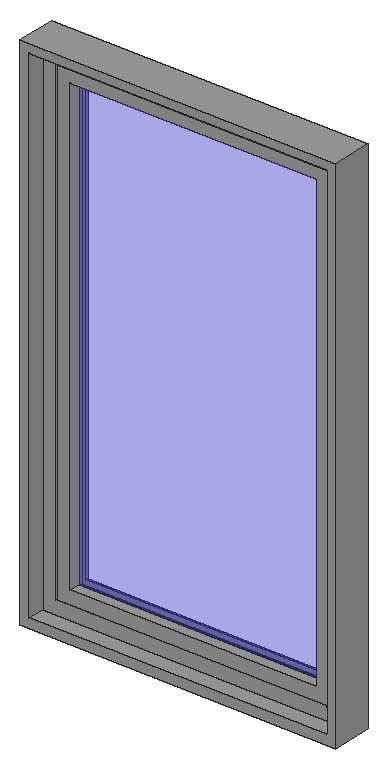
Revit family "16PL OP001_v02", category Windows, host Wall, Revit 2015
Parameters
  Wall Thickness [instance] = 0' - 6"
  URL = "obe.com"
  Rough Width = Width + 0' 0 1/2"  # 3' - 0 1/2"
  Rough Height = Height + 0' 0 1/2"  # 5' - 0 1/2"
  Offset Limitation [instance] = if((Offset + 0' 4 1/2") > Wall Thickness, (Wall Thickness - 0' 4 1/2"), Offset)  # 0' - 0"
  Offset [instance] = 0' - 0"
  Model = "16PL OC001"
  Manufacturer = "Oldcastle BuildingEnvelope®"
  Keynote = "08 51 00"
  Height = 5' - 0"
  Glass Material = Glass
  Frame Material = Aluminum
  Description = "SIGNATURE SERIES 16PL"
  Default Sill Height = 3' - 0"
  Wall Closure = By host
  Width = 3' - 0"
  Construction Type = ""
  Assembly Code = "B2020100"
Reference planes (in)
  plane 1 "Center (Front/Back)": y = 0
  plane 2: z = 0
  plane 3 "Center (Left/Right)": x = 0
  plane 4 "Left": x = -18.25
  plane 5 "Right": x = 18.25
  plane 6 "Sill": z = 36
  plane 7 "Top": z = 96.5
  plane 8: x = 18
  plane 9: x = -18
  plane 10: z = 96.25
  plane 11: z = 36.25
  plane 12 "Offset": y = 3
  plane 13: z = 92.9995
  plane 14: z = 39.5005
  plane 15 "EXT": y = 2.96875
Forms (in)
  Sweep 1, solid, material "Aluminum" <- "Frame Material"
    path origin (0, 3, 0) x (1, 0, 0) y (0, 0, 1)
      loop
        line (18, 96.5) -> (18, 36)
    profile origin (18, 3, 66.25) x (0, -1, 0) y (1, 0, 0)
      loop
        line (4.5, 0.25) -> (0, 0.25) -> (0, -1.375) -> (2.40625, -1.375) -> (2.40625, -2.25) -> (2.5, -2.25) -> (2.5, -0.75) -> (4.5, -0.75) -> (4.5, 0.25)
  Sweep 2, solid, material "Aluminum" <- "Frame Material"
    path origin (0, 3, 0) x (-1, 0, 0) y (0, 0, 1)
      loop
        line (18, 96.5) -> (18, 36)
    profile origin (-18, 3, 66.25) x (0, -1, 0) y (1, 0, 0)
      loop
        line (0, -0.25) -> (4.5, -0.25) -> (4.5, 0.75) -> (2.5, 0.75) -> (2.5, 2.25) -> (2.40625, 2.25) -> (2.40625, 1.375) -> (0, 1.375) -> (0, -0.25)
  Sweep 3, solid, material "Aluminum" <- "Frame Material"
    path origin (0, 3, 0) x (1, 0, 0) y (0, 0, 1)
      loop
        line (18.25, 96.25) -> (-18.25, 96.25)
    profile origin (0, 3, 96.25) x (0, 0, -1) y (0, -1, 0)
      loop
        line (-0.25, 0) -> (1.37495, 0) -> (1.37495, 2.40625) -> (2.25, 2.40625) -> (2.25, 2.5) -> (0.75, 2.5) -> (0.75, 4.5) -> (-0.25, 4.5) -> (-0.25, 0)
  Sweep 4, solid, material "Aluminum" <- "Frame Material"
    path origin (0, 3, 120.5) x (1, 0, 0) y (0, 0, -1)
      loop
        line (18.25, 84.25) -> (-18.25, 84.25)
    profile origin (0, 3, 36.25) x (0, 0, -1) y (0, -1, 0)
      loop
        line (-1.375, 0) -> (0.25, 0) -> (0.25, 4.5) -> (-0.75, 4.5) -> (-0.75, 2.5) -> (-2.25, 2.5) -> (-2.25, 2.40625) -> (-1.375, 2.40625) -> (-1.375, 0)
  Extrusion 5, solid, material "Glass" <- "Glass Material", detail levels coarse
    sketch origin (0, 0, 36) x (0, -1, 0) y (1, 0, 0)
      loop
        line (-2.96875, -14.7495) -> (-1.96875, -14.7495) -> (-1.96875, 14.7495) -> (-2.96875, 14.7495) -> (-2.96875, -14.7495)
    from 3.5005 to 56.9995
  Extrusion 6, solid, material "Glass" <- "Glass Material", detail levels medium+fine
    sketch origin (0, 0, 36) x (0, -1, 0) y (1, 0, 0)
      loop
        line (-2.96875, -14.7495) -> (-2.71875, -14.7495) -> (-2.71875, 14.7495) -> (-2.96875, 14.7495) -> (-2.96875, -14.7495)
      loop
        line (-2.20605, 14.7495) -> (-2.20605, -14.7495) -> (-1.96875, -14.7495) -> (-1.96875, 14.7495) -> (-2.20605, 14.7495)
    from 3.5005 to 56.9995
  Sweep 7, solid, material "Aluminum" <- "Frame Material"
    path origin (0, 3, 0) x (1, 0, 0) y (0, 0, 1)
      loop
        line (18, 95.125) -> (18, 37.375)
    profile origin (18, 3, 66.25) x (0, -1, 0) y (1, 0, 0)
      loop
        line (2.3125, -2.063) -> (-0.15625, -2.063) -> (-0.15625, -1.125) -> (-0.25, -1.125) -> (-0.25, -3.7505) -> (0.03125, -3.7505) -> (0.03125, -3.2505) -> (1.03125, -3.2505) -> (1.03125, -3.751) -> (2.3125, -3.751) -> (2.3125, -2.063)
  Sweep 8, solid, material "Aluminum" <- "Frame Material"
    path origin (0, 3, 0) x (1, 0, 0) y (0, 0, 1)
      loop
        line (-18, 95.125) -> (-18, 37.375)
    profile origin (-18, 3, 66.25) x (0, -1, 0) y (1, 0, 0)
      loop
        line (-0.25, 3.7505) -> (-0.25, 1.125) -> (-0.15625, 1.125) -> (-0.15625, 2.063) -> (2.3125, 2.063) -> (2.3125, 3.751) -> (1.03125, 3.751) -> (1.03125, 3.2505) -> (0.03125, 3.2505) -> (0.03125, 3.7505) -> (-0.25, 3.7505)
  Sweep 9, solid, material "Aluminum" <- "Frame Material"
    path origin (0, 3, 0) x (1, 0, 0) y (0, 0, 1)
      loop
        line (16.875, 96.25) -> (-16.875, 96.25)
    profile origin (0, 3, 96.25) x (0, 0, -1) y (0, -1, 0)
      loop
        line (1.125, -0.25) -> (3.7505, -0.25) -> (3.7505, 0.03125) -> (3.2505, 0.03125) -> (3.2505, 1.03125) -> (3.751, 1.03125) -> (3.751, 2.3125) -> (2.06299, 2.3125) -> (2.06299, -0.15626) -> (1.125, -0.15626) -> (1.125, -0.25)
  Sweep 10, solid, material "Aluminum" <- "Frame Material"
    path origin (0, 3, 0) x (1, 0, 0) y (0, 0, 1)
      loop
        line (16.875, 36.25) -> (-16.875, 36.25)
    profile origin (0, 3, 36.25) x (0, 0, -1) y (0, -1, 0)
      loop
        line (-1.125, -0.25) -> (-1.125, -0.15625) -> (-2.063, -0.15625) -> (-2.063, 2.3125) -> (-3.751, 2.3125) -> (-3.751, 1.03125) -> (-3.2505, 1.03125) -> (-3.2505, 0.03125) -> (-3.7505, 0.03125) -> (-3.7505, -0.25) -> (-1.125, -0.25)
Cuts and joins
  joined: Sweep 1, Sweep 2, Sweep 3, Sweep 4
  joined: Sweep 7, Sweep 8, Sweep 9, Sweep 10
Lines and regions (in)
  Opening 1
    outline origin (-60, -3, 0) x (1, 0, 0) y (0, 0, 1)
      loop
        line (41.75, 96.5) -> (41.75, 36) -> (78.25, 36) -> (78.25, 96.5) -> (41.75, 96.5)
  model lines, style "Opening Direction"
    curve 1: line (-14.249, 2.96875, 40.001) -> (0, 2.96875, 92.499)
    curve 2: line (14.2495, 2.96875, 40.0005) -> (0, 2.96875, 92.499)
Text (in)
  text "EXTERIOR" at (-58.6888, 50.90694, 0), in view "Ref. Level"
  text "INTERIOR" at (-58.6888, -37.76638, 0), in view "Ref. Level"
  text "Exterior" at (0, 43.65631, 123.19604), in view "Left"
  text "Exterior" at (0, 18.29385, 125.04747), in view "Right"
  text "Min Operable Size\n\n14\" width x 18\" height\n\n\n\nMax Operable Size\n\n72\" x 72\"\n\n\n\nMax Operable Area\n\n24 square feet" at (92.83999, 50.90694, 0), in view "Ref. Level"
Dimensions and locks (in)
  equal spacing: plane 4 "Left", plane 3 "Center (Left/Right)", plane 5 "Right"
  "Rough Height": plane 6 "Sill" to plane 7 "Top"
  "Default Sill Height": plane 2 to plane 6 "Sill"
  locked: plane 6 "Sill" to plane 11 at 0.25
  locked: plane 8 to plane 5 "Right" at 0.25
  "Height": plane 11 to plane 10
  "Offset Limitation": plane 12 "Offset" to host wall
  "Wall Thickness": host wall to host wall
  "Width": plane 9 to plane 8
  "Rough Width": plane 4 "Left" to plane 5 "Right"
  plane 12 "Offset" to Extrusion 5 sketch curve to Extrusion 5 sketch curve = 0' - 0 1/32" locked, 0' - 1" locked
  locked: plane 11 to plane 14 at 3.2505
  locked: plane 10 to plane 13 at 3.2505
  locked: plane 15 "EXT" to plane 12 "Offset" at 0.03125
  Extrusion 6 sketch curve to Extrusion 6 sketch curve to Extrusion 6 sketch curve to Extrusion 6 sketch curve to plane 12 "Offset" = 0' - 0.2373" locked, 0' - 0.5127" locked, 0' - 0 1/4" locked, 0' - 0 1/32" locked
  aligned and locked: plane 7 "Top" to Opening 1 sketch curve
  aligned and locked: plane 6 "Sill" to Opening 1 sketch curve  (x2)
  aligned and locked: plane 5 "Right" to Opening 1 sketch curve
  aligned and locked: plane 4 "Left" to Opening 1 sketch curve
  aligned and locked: level to plane 2
  aligned and locked: nested 1 to plane 11
  aligned and locked: nested 2 to plane 11
  aligned and locked: plane 7 "Top" to Sweep 1 sketch curve
  aligned and locked: plane 6 "Sill" to Sweep 1 sketch curve
  aligned and locked: Sweep 1 sketch curve to plane 8
  aligned and locked: plane 6 "Sill" to Sweep 2 sketch curve
  aligned and locked: plane 7 "Top" to Sweep 2 sketch curve
  aligned and locked: Sweep 2 sketch curve to plane 9
  aligned and locked: plane 10 to Sweep 3 sketch curve
  aligned and locked: plane 11 to Sweep 4 sketch curve
  aligned and locked: plane 4 "Left" to Sweep 4 sketch curve
  aligned and locked: plane 5 "Right" to Sweep 4 sketch curve
  aligned and locked: plane 5 "Right" to Sweep 3 sketch curve
  aligned and locked: plane 4 "Left" to Sweep 3 sketch curve
  aligned and locked: Extrusion 5 to plane 14
  aligned and locked: plane 13 to Extrusion 5
  aligned and locked: plane 3 "Center (Left/Right)" to nested 1
  aligned and locked: plane 12 "Offset" to nested 1
  aligned and locked: plane 3 "Center (Left/Right)" to nested 2
  aligned and locked: plane 12 "Offset" to nested 2
  aligned and locked: Extrusion 6 to plane 14
  aligned and locked: plane 13 to Extrusion 6
  aligned and locked: Sweep 7 sketch curve to plane 8
  aligned and locked: Sweep 8 sketch curve to plane 9
  aligned and locked: plane 10 to Sweep 9 sketch curve
  aligned and locked: plane 11 to Sweep 10 sketch curve
Automatic sketch dimensions
  Extrusion 5 sketch curve to plane 9 = 0' - 3.2505"
  plane 8 to Extrusion 5 sketch curve = 0' - 3.2505"
  profile plane to Sweep 2 sketch curve = 0' - 0 1/4"
  Sweep 2 sketch curve to profile plane = 0' - 0 3/4"
  Sweep 2 sketch curve to Sweep 2 sketch curve = 0' - 2"
  Sweep 2 sketch curve to Sweep 2 sketch curve = 0' - 1 1/2"
  profile plane to Sweep 1 sketch curve = 0' - 0 3/4"
  Sweep 1 sketch curve to Sweep 1 sketch curve = 0' - 2"
  Sweep 1 sketch curve to profile plane = 0' - 0 1/4"
  Sweep 1 sketch curve to Sweep 1 sketch curve = 0' - 1 1/2"
  Sweep 4 sketch curve to profile plane = 0' - 0 1/4"
  profile plane to Sweep 4 sketch curve = 0' - 0 3/4"
  Sweep 4 sketch curve to Sweep 4 sketch curve = 0' - 2"
  Extrusion 6 sketch curve to plane 9 = 0' - 3.2505"
  Extrusion 6 sketch curve to Extrusion 6 sketch curve = 0' - 0"  (x2)
  plane 8 to Extrusion 6 sketch curve = 0' - 3.2505"
  Sweep 4 sketch curve to Sweep 4 sketch curve = 0' - 1 1/2"
  Sweep 4 sketch curve to plane 12 "Offset" = 0' - 0"
  Sweep 4 sketch curve to Sweep 4 sketch curve = 0' - 0 5/8"
  Sweep 4 sketch curve to Sweep 4 sketch curve = 0' - 2 13/32"
  Sweep 4 sketch curve to Sweep 4 sketch curve = 0' - 0 3/32"
  Sweep 3 sketch curve to plane 12 "Offset" = 0' - 0"
  profile plane to Sweep 3 sketch curve = 0' - 0 1/4"
  Sweep 3 sketch curve to profile plane = 0' - 0 3/4"
  Sweep 3 sketch curve to Sweep 3 sketch curve = 0' - 2"
  Sweep 3 sketch curve to profile plane = 0' - 1.37495"
  Sweep 3 sketch curve to Sweep 3 sketch curve = 0' - 0.87505"
  Sweep 3 sketch curve to Sweep 3 sketch curve = 0' - 2 13/32"
  Sweep 3 sketch curve to Sweep 3 sketch curve = 0' - 0 3/32"
  plane 12 "Offset" to Sweep 1 sketch curve = 0' - 0"
  Sweep 1 sketch curve to Sweep 1 sketch curve = 0' - 2 13/32"
  Sweep 1 sketch curve to Sweep 1 sketch curve = 0' - 0 3/32"
  Sweep 1 sketch curve to Sweep 1 sketch curve = 0' - 0 5/8"
  plane 12 "Offset" to Sweep 2 sketch curve = 0' - 0"
  Sweep 2 sketch curve to Sweep 2 sketch curve = 0' - 2 13/32"
  Sweep 2 sketch curve to Sweep 2 sketch curve = 0' - 0 3/32"
  Sweep 2 sketch curve to Sweep 2 sketch curve = 0' - 0 5/8"
  Sweep 7 sketch curve to plane 11 = 0' - 1 1/8"
  plane 10 to Sweep 7 sketch curve = 0' - 1 1/8"
  Sweep 7 sketch curve to plane 12 "Offset" = 0' - 0 1/4"
  plane 12 "Offset" to Sweep 7 sketch curve = 0' - 0 1/32"
  Sweep 7 sketch curve to Sweep 7 sketch curve = 0' - 1"
  profile plane to Sweep 7 sketch curve = 0' - 1 1/8"
  Sweep 7 sketch curve to plane 12 "Offset" = 0' - 0 5/32"
  Sweep 7 sketch curve to Sweep 7 sketch curve = 0' - 2 15/32"
  Sweep 7 sketch curve to Sweep 7 sketch curve = 0' - 0 1/2"
  Sweep 7 sketch curve to Sweep 7 sketch curve = 0' - 0.0005"
  Sweep 7 sketch curve to Sweep 7 sketch curve = 0' - 1.688"
  Sweep 7 sketch curve to Sweep 7 sketch curve = 0' - 0.938"
  Sweep 8 sketch curve to plane 11 = 0' - 1 1/8"
  plane 10 to Sweep 8 sketch curve = 0' - 1 1/8"
  Sweep 8 sketch curve to plane 12 "Offset" = 0' - 0 5/32"
  Sweep 8 sketch curve to Sweep 8 sketch curve = 0' - 0 3/32"
  Sweep 8 sketch curve to Sweep 8 sketch curve = 0' - 1"
  Sweep 8 sketch curve to profile plane = 0' - 1 1/8"
  Sweep 8 sketch curve to Sweep 8 sketch curve = 0' - 0.938"
  Sweep 8 sketch curve to Sweep 8 sketch curve = 0' - 1 3/16"
  plane 12 "Offset" to Sweep 8 sketch curve = 0' - 0 1/32"
  Sweep 8 sketch curve to Sweep 8 sketch curve = 0' - 1 9/32"
  Sweep 8 sketch curve to Sweep 8 sketch curve = 0' - 0 1/2"
  Sweep 8 sketch curve to Sweep 8 sketch curve = 0' - 0.0005"
  plane 8 to Sweep 9 sketch curve = 0' - 1 1/8"
  Sweep 9 sketch curve to plane 9 = 0' - 1 1/8"
  Sweep 9 sketch curve to plane 12 "Offset" = 0' - 0 5/32"
  Sweep 9 sketch curve to plane 12 "Offset" = 0' - 0 1/4"
  Sweep 9 sketch curve to profile plane = 0' - 1 1/8"
  plane 12 "Offset" to Sweep 9 sketch curve = 0' - 1 1/32"
  Sweep 9 sketch curve to Sweep 9 sketch curve = 0' - 2.1255"
  plane 12 "Offset" to Sweep 9 sketch curve = 0' - 0 1/32"
  Sweep 9 sketch curve to Sweep 9 sketch curve = 0' - 0 1/2"
  Sweep 9 sketch curve to Sweep 9 sketch curve = 0' - 0.5005"
  Sweep 9 sketch curve to Sweep 9 sketch curve = 0' - 1 9/32"
  Sweep 9 sketch curve to Sweep 9 sketch curve = 0' - 1 3/16"
  Sweep 10 sketch curve to plane 9 = 0' - 1 1/8"
  plane 8 to Sweep 10 sketch curve = 0' - 1 1/8"
  plane 12 "Offset" to Sweep 10 sketch curve = 0' - 1 1/32"
  profile plane to Sweep 10 sketch curve = 0' - 3.2505"
  Sweep 10 sketch curve to plane 12 "Offset" = 0' - 0 5/32"
  Sweep 10 sketch curve to Sweep 10 sketch curve = 0' - 1 3/16"
  Sweep 10 sketch curve to plane 12 "Offset" = 0' - 0 1/4"
  Sweep 10 sketch curve to Sweep 10 sketch curve = 0' - 0.938"
  plane 12 "Offset" to Sweep 10 sketch curve = 0' - 0 1/32"
  Sweep 10 sketch curve to Sweep 10 sketch curve = 0' - 0 1/2"
  Sweep 10 sketch curve to Sweep 10 sketch curve = 0' - 0.0005"
  Sweep 10 sketch curve to Sweep 10 sketch curve = 0' - 1 9/32"
  curve 2 to plane 3 "Center (Left/Right)" = 0' - 0"
  curve 2 to plane 13 = 0' - 0.5005"
  plane 14 to curve 1 = 0' - 0.5005"
  curve 1 to plane 9 = 0' - 3.751"
  plane 14 to curve 2 = 0' - 0 1/2"
  plane 8 to curve 2 = 0' - 3.7505"
Nested families (in)
  nested 1: "S-16PL-Plan View" at (0, 3, 0.25), Default Sill Height <- "Default Sill Height", Height <- "Height", Width <- "Width", type "S-16PL-Plan View"
    with Width 3' - 0", Height 5' - 0", Default Sill Height 3' - 0"
  nested 2: "S-16PL-Section Operable" at (0, 3, 0.25), Default Sill Height <- "Default Sill Height", Height <- "Height", Width <- "Width", type "S-16PL-Section Operable"
    with Width 3' - 0", Height 5' - 0", Default Sill Height 3' - 0"
Definition of nested family "S-16PL-Plan View"
  Parameters (values of type "S-16PL-Plan View")
    Width [instance] = 2' - 0"
    Height [instance] = 2' - 0"
    Default Sill Height [instance] = 2' - 0"
    Analytic Construction = "<None>"
  Reference planes (in)
    plane 1 "Center (Front/Back)": y = 0
    plane 2: z = 0
    plane 3 "Center (Left/Right)": x = 0
    plane 4: z = 24
  Lines and regions (in)
    model lines, not visible
      curve 1: line (0, 0, 48) -> (0, 0, 24)
  Dimensions and locks (in)
    "Default Sill Height": plane 4 to plane 2
    "Height": curve 1 to plane 4
    aligned and locked: plane 2 to level
    aligned and locked: plane 3 "Center (Left/Right)" to nested 1
    aligned and locked: plane 1 "Center (Front/Back)" to nested 1
    aligned and locked: plane 4 to curve 1
    aligned and locked: curve 1 to plane 1 "Center (Front/Back)"
  Nested families (in)
    nested 1: "S-16PL-Plan View" at (-12, 0, 0), Width <- "Width", type "S-16PL-Plan View"
      with Width 2' - 0"
  Definition of nested family "S-16PL-Plan View"
    Parameters (values of type "S-16PL-Plan View")
      Width [instance] = 2' - 0"
    Reference planes (in)
      plane 1 "Center (Front/Back)": y = 0
      plane 2: z = 0
      plane 3 "C": x = 0
      plane 4: x = 24
      plane 5: x = 20.7495
      plane 6: x = 3.2505
      plane 7 "Center (Left/Right)": x = 12
    Lines and regions (in)
      detail lines, in view "Ref. Level"
        curve 1: line (3.2505, -0.03125, 0) -> (20.7495, -0.03125, 0)
        curve 10: line (3.2505, -1.03125, 0) -> (20.7495, -1.03125, 0)
      detail lines, in view "Ref. Level", detail levels fine
        curve 2: line (3.2505, -0.09125, 0) -> (20.7495, -0.09125, 0)
        curve 3: line (3.2505, -0.15125, 0) -> (20.7495, -0.15125, 0)
        curve 4: line (3.2505, -0.21125, 0) -> (20.7495, -0.21125, 0)
        curve 7: line (3.2505, -0.85395, 0) -> (20.7495, -0.85395, 0)
        curve 8: line (3.2505, -0.91395, 0) -> (20.7495, -0.91395, 0)
        curve 9: line (3.2505, -0.97395, 0) -> (20.7495, -0.97395, 0)
      detail lines, in view "Ref. Level", detail levels medium+fine
        curve 5: line (3.2505, -0.28125, 0) -> (20.7495, -0.28125, 0)
        curve 6: line (3.2505, -0.79395, 0) -> (20.7495, -0.79395, 0)
    Dimensions and locks (in)
      "Width": plane 3 "C" to plane 4
      locked: plane 3 "C" to plane 6 at 3.2505
      locked: plane 5 to plane 4 at 3.2505
      equal spacing: plane 3 "C", plane 7 "Center (Left/Right)", plane 4
      aligned and locked: nested 2 to plane 3 "C"
      aligned and locked: nested 2 to plane 1 "Center (Front/Back)"
      aligned and locked: nested 1 to plane 4
      aligned and locked: nested 1 to plane 1 "Center (Front/Back)"
      aligned and locked: plane 5 to curve 1
      aligned and locked: plane 5 to curve 2
      aligned and locked: plane 5 to curve 3
      aligned and locked: plane 5 to curve 4
      aligned and locked: plane 5 to curve 5
      aligned and locked: plane 5 to curve 6
      aligned and locked: plane 5 to curve 7
      aligned and locked: plane 5 to curve 8
      aligned and locked: plane 5 to curve 9
      aligned and locked: plane 5 to curve 10
      aligned and locked: plane 6 to curve 1
      aligned and locked: plane 6 to curve 2
      aligned and locked: plane 6 to curve 3
      aligned and locked: plane 6 to curve 4
      aligned and locked: plane 6 to curve 5
      aligned and locked: plane 6 to curve 6
      aligned and locked: plane 6 to curve 7
      aligned and locked: plane 6 to curve 8
      aligned and locked: plane 6 to curve 9
      aligned and locked: plane 6 to curve 10
    Automatic sketch dimensions
      plane 1 "Center (Front/Back)" to curve 10 = 0' - 1 1/32"
      curve 10 to curve 9 = 0' - 0.0573"
      curve 9 to curve 8 = 0' - 0.06"
      curve 8 to curve 7 = 0' - 0.06"
      curve 7 to curve 6 = 0' - 0.06"
      curve 6 to curve 5 = 0' - 0.5127"
      curve 5 to curve 4 = 0' - 0.07"
      curve 4 to curve 3 = 0' - 0.06"
      curve 3 to curve 2 = 0' - 0.06"
      curve 2 to curve 1 = 0' - 0.06"
    Nested families (in)
      nested 1: "S-16PL-JAMB L" at (24, 0, 0) x (-1, 0, 0) z (0, 0, 1), type "S-16PL-JAMB L", in view "Ref. Level"
      nested 2: "S-16PL-JAMB R" at (0, 0, 0) x (-1, 0, 0) z (0, 0, 1), type "S-16PL-JAMB R", in view "Ref. Level"
    Definition of nested family "S-16PL-JAMB L"
      Reference planes (in)
        plane 1 "Center (Front/Back)": y = 0
        plane 2: z = 0
        plane 3 "Center (Left/Right)": x = 0
      Lines and regions (in)
        detail lines, in view "Ref. Level"
          curve 1: line (-0.25, 4.5, 0) -> (0.75, 4.5, 0)
          curve 2: line (0.75, 4.5, 0) -> (0.75, 2.5, 0)
          curve 3: line (0.75, 2.5, 0) -> (2.25, 2.5, 0)
          curve 4: line (2.25, 2.5, 0) -> (2.25, 2.3125, 0)
          curve 5: line (2.25, 2.3125, 0) -> (2.876, 2.3125, 0)
          curve 6: line (2.876, 2.3125, 0) -> (3.751, 2.2965, 0)
          curve 7: line (3.751, 2.2965, 0) -> (3.751, 1.03125, 0)
          curve 8: line (3.751, 1.03125, 0) -> (3.2505, 1.03125, 0)
          curve 9: line (3.2505, 1.03125, 0) -> (3.2505, 0.03125, 0)
          curve 10: line (3.2505, 0.03125, 0) -> (3.751, 0.03125, 0)
          curve 11: line (3.751, 0.03125, 0) -> (3.7505, -0.25, 0)
          curve 12: line (3.7505, -0.25, 0) -> (1.125, -0.25, 0)
          curve 13: line (1.125, -0.25, 0) -> (1.125, 0, 0)
          curve 14: line (1.125, 0, 0) -> (-0.25, 0, 0)
          curve 15: line (-0.25, 0, 0) -> (-0.25, 4.5, 0)
    Definition of nested family "S-16PL-JAMB R"
      Reference planes (in)
        plane 1 "Center (Front/Back)": y = 0
        plane 2: z = 0
        plane 3 "Center (Left/Right)": x = 0
      Lines and regions (in)
        detail lines, in view "Ref. Level"
          curve 1: line (0.25, 4.5, 0) -> (-0.75, 4.5, 0)
          curve 2: line (-0.75, 4.5, 0) -> (-0.75, 2.5, 0)
          curve 3: line (-0.75, 2.5, 0) -> (-2.25, 2.5, 0)
          curve 4: line (-2.25, 2.5, 0) -> (-2.25, 2.3125, 0)
          curve 5: line (-2.25, 2.3125, 0) -> (-2.876, 2.3125, 0)
          curve 6: line (-2.876, 2.3125, 0) -> (-3.751, 2.2965, 0)
          curve 7: line (-3.751, 2.2965, 0) -> (-3.751, 1.03125, 0)
          curve 8: line (-3.751, 1.03125, 0) -> (-3.2505, 1.03125, 0)
          curve 9: line (-3.2505, 1.03125, 0) -> (-3.2505, 0.03125, 0)
          curve 10: line (-3.2505, 0.03125, 0) -> (-3.751, 0.03125, 0)
          curve 11: line (-3.751, 0.03125, 0) -> (-3.7505, -0.25, 0)
          curve 12: line (-3.7505, -0.25, 0) -> (-1.125, -0.25, 0)
          curve 13: line (-1.125, -0.25, 0) -> (-1.125, 0, 0)
          curve 14: line (-1.125, 0, 0) -> (0.25, 0, 0)
          curve 15: line (0.25, 0, 0) -> (0.25, 4.5, 0)
Definition of nested family "S-16PL-Section Operable"
  Parameters (values of type "S-16PL-Section Operable")
    Width [instance] = 2' - 0"
    Height [instance] = 4' - 0"
    Default Sill Height [instance] = 2' - 0"
    Analytic Construction = "<None>"
  Reference planes (in)
    plane 1 "Center (Front/Back)": y = 0
    plane 2: z = 0
    plane 3 "Center (Left/Right)": x = 0
    plane 4: z = 24
  Lines and regions (in)
    model lines, not visible
      curve 1: line (-12, 0, 0) -> (12, 0, 0)
  Dimensions and locks (in)
    "Default Sill Height": plane 4 to plane 2
    equal spacing: curve 1, plane 3 "Center (Left/Right)", curve 1
    "Width": curve 1 to curve 1
    aligned and locked: plane 2 to level
    aligned and locked: plane 1 "Center (Front/Back)" to curve 1
    aligned and locked: plane 4 to nested 1
    aligned and locked: nested 1 to plane 1 "Center (Front/Back)"
  Nested families (in)
    nested 1: "S-16PL-Section Operable" at (0, 0, 24) x (0, -1, 0) z (1, 0, 0), Height <- "Height", type "S-16PL-Section Operable"
      with Height 4' - 0"
  Definition of nested family "S-16PL-Section Operable"
    Parameters (values of type "S-16PL-Section Operable")
      Height [instance] = 3' - 0"
    Reference planes (in)
      plane 1 "Center (Front/Back)": y = 0
      plane 2: z = 0
      plane 3 "Center (Left/Right)": x = 0
      plane 4: y = 36
      plane 5: y = 32.7495
      plane 6: y = 3.2505
    Lines and regions (in)
      detail lines, in view "Ref. Level"
        curve 1: line (0.03125, 32.7495, 0) -> (0.03125, 3.2505, 0)
        curve 10: line (1.03125, 32.7495, 0) -> (1.03125, 3.2505, 0)
      detail lines, in view "Ref. Level", detail levels fine
        curve 2: line (0.08855, 32.7495, 0) -> (0.08855, 3.2505, 0)
        curve 3: line (0.14855, 32.7495, 0) -> (0.14855, 3.2505, 0)
        curve 4: line (0.20855, 32.7495, 0) -> (0.20855, 3.2505, 0)
        curve 7: line (0.85125, 32.7495, 0) -> (0.85125, 3.2505, 0)
        curve 8: line (0.91125, 32.7495, 0) -> (0.91125, 3.2505, 0)
        curve 9: line (0.97125, 32.7495, 0) -> (0.97125, 3.2505, 0)
      detail lines, in view "Ref. Level", detail levels medium+fine
        curve 5: line (0.26855, 32.7495, 0) -> (0.26855, 3.2505, 0)
        curve 6: line (0.78125, 32.7495, 0) -> (0.78125, 3.2505, 0)
    Dimensions and locks (in)
      "Height": plane 1 "Center (Front/Back)" to plane 4
      locked: plane 6 to plane 1 "Center (Front/Back)" at 3.2505
      locked: plane 4 to plane 5 at 3.2505
      aligned and locked: plane 1 "Center (Front/Back)" to nested 2
      aligned and locked: plane 3 "Center (Left/Right)" to nested 2
      aligned and locked: nested 1 to plane 4
      aligned and locked: plane 3 "Center (Left/Right)" to nested 1
      aligned and locked: plane 6 to curve 1
      aligned and locked: plane 6 to curve 2
      aligned and locked: plane 6 to curve 3
      aligned and locked: plane 6 to curve 4
      aligned and locked: plane 6 to curve 5
      aligned and locked: plane 6 to curve 6
      aligned and locked: plane 6 to curve 7
      aligned and locked: plane 6 to curve 8
      aligned and locked: plane 6 to curve 9
      aligned and locked: plane 6 to curve 10
      aligned and locked: plane 5 to curve 1
      aligned and locked: plane 5 to curve 2
      aligned and locked: plane 5 to curve 3
      aligned and locked: plane 5 to curve 4
      aligned and locked: plane 5 to curve 5
      aligned and locked: plane 5 to curve 6
      aligned and locked: plane 5 to curve 7
      aligned and locked: plane 5 to curve 8
      aligned and locked: plane 5 to curve 9
      aligned and locked: plane 5 to curve 10
    Automatic sketch dimensions
      plane 3 "Center (Left/Right)" to curve 1 = 0' - 0 1/32"
      curve 1 to curve 2 = 0' - 0.0573"
      curve 2 to curve 3 = 0' - 0.06"
      curve 3 to curve 4 = 0' - 0.06"
      curve 4 to curve 5 = 0' - 0.06"
      curve 5 to curve 6 = 0' - 0.5127"
      curve 6 to curve 7 = 0' - 0.07"
      curve 7 to curve 8 = 0' - 0.06"
      curve 8 to curve 9 = 0' - 0.06"
      curve 9 to curve 10 = 0' - 0.06"
    Nested families (in)
      nested 1: "S-16PL-HEAD" at (0, 36, 0), type "S-16PL-HEAD", in view "Ref. Level"
      nested 2: "S-16PL-SILL" at (0, 0, 0), type "S-16PL-SILL", in view "Ref. Level"
    Definition of nested family "S-16PL-HEAD"
      Reference planes (in)
        plane 1 "Center (Front/Back)": y = 0
        plane 2: z = 0
        plane 3 "Center (Left/Right)": x = 0
      Lines and regions (in)
        detail lines, in view "Ref. Level"
          curve 1: line (0, 0.25, 0) -> (4.5, 0.25, 0)
          curve 2: line (4.5, 0.25, 0) -> (4.5, -0.75, 0)
          curve 3: line (4.5, -0.75, 0) -> (2.5, -0.75, 0)
          curve 4: line (2.5, -0.75, 0) -> (2.5, -2.25, 0)
          curve 5: line (2.5, -2.25, 0) -> (2.3125, -2.25, 0)
          curve 6: line (2.3125, -2.25, 0) -> (2.3125, -2.876, 0)
          curve 7: line (2.3125, -2.876, 0) -> (2.2965, -3.751, 0)
          curve 8: line (2.2965, -3.751, 0) -> (1.03125, -3.751, 0)
          curve 9: line (1.03125, -3.751, 0) -> (1.03125, -3.2505, 0)
          curve 10: line (1.03125, -3.2505, 0) -> (0.03125, -3.2505, 0)
          curve 11: line (0.03125, -3.2505, 0) -> (0.03125, -3.7505, 0)
          curve 12: line (0.03125, -3.7505, 0) -> (-0.25, -3.7505, 0)
          curve 13: line (-0.25, -3.7505, 0) -> (-0.25, -1.125, 0)
          curve 14: line (-0.25, -1.125, 0) -> (0, -1.125, 0)
          curve 15: line (0, -1.125, 0) -> (0, 0.25, 0)
    Definition of nested family "S-16PL-SILL"
      Reference planes (in)
        plane 1 "Center (Front/Back)": y = 0
        plane 2: z = 0
        plane 3 "Center (Left/Right)": x = 0
      Lines and regions (in)
        detail lines, in view "Ref. Level"
          curve 1: line (2.2965, 3.751, 0) -> (1.03125, 3.751, 0)
          curve 2: line (1.03125, 3.751, 0) -> (1.03125, 3.2505, 0)
          curve 3: line (1.03125, 3.2505, 0) -> (0.03125, 3.2505, 0)
          curve 4: line (0.03125, 3.2505, 0) -> (0.03125, 3.751, 0)
          curve 5: line (0.03125, 3.751, 0) -> (-0.25, 3.7505, 0)
          curve 6: line (-0.25, 3.7505, 0) -> (-0.25, 1.125, 0)
          curve 7: line (-0.25, 1.125, 0) -> (0, 1.125, 0)
          curve 8: line (0, 1.125, 0) -> (0, -0.25, 0)
          curve 9: line (0, -0.25, 0) -> (4.5, -0.25, 0)
          curve 10: line (4.5, -0.25, 0) -> (4.5, 0.75, 0)
          curve 11: line (4.5, 0.75, 0) -> (2.5, 0.75, 0)
          curve 12: line (2.5, 0.75, 0) -> (2.5, 2.25, 0)
          curve 13: line (2.5, 2.25, 0) -> (2.3125, 2.25, 0)
          curve 14: line (2.3125, 2.25, 0) -> (2.3125, 2.8755, 0)
          curve 15: line (2.3125, 2.8755, 0) -> (2.2965, 3.751, 0)
